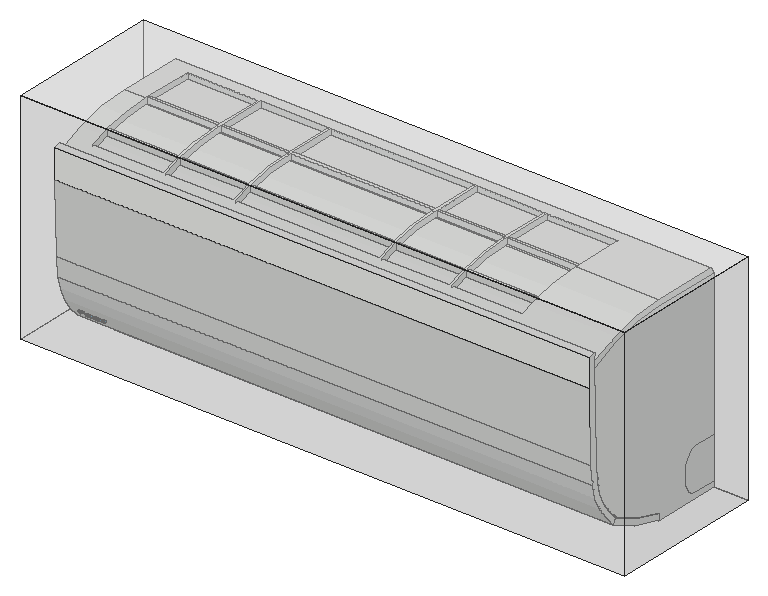
Revit family "outputfile", category 機械設備, Revit 2024 (continued)
Definition of nested family "DAIKIN_indoorunit_FTXF-W2VMA"
  Automatic sketch dimensions
    Extrusion 21 sketch curve to Extrusion 21 sketch curve = 24.427 mm
    Extrusion 21 sketch curve to Extrusion 21 sketch curve = 74.426 mm
    Extrusion 21 sketch curve to Extrusion 21 sketch curve = 0.483 mm
    Extrusion 21 sketch curve to Extrusion 21 sketch curve = 4.137 mm
    Extrusion 21 sketch curve to Extrusion 21 sketch curve = 31.393 mm
    Extrusion 21 sketch curve to Extrusion 21 sketch curve = 9.215 mm
    Extrusion 21 sketch curve to level = 8.0 mm
    Extrusion 22 sketch curve to plane 1 "Center (Front/Back)" = 0.0 mm
    Extrusion 22 sketch curve to Extrusion 22 sketch curve = 20.0 mm  (x2)
    Extrusion 22 sketch curve to level = 287.035 mm
    Extrusion 23 sketch curve to plane 1 "Center (Front/Back)" = 0.0 mm
    Extrusion 23 sketch curve to Extrusion 23 sketch curve = 20.0 mm  (x2)
    Extrusion 23 sketch curve to level = 287.035 mm
    plane 1 "Center (Front/Back)" to Extrusion 24 sketch curve = 0.0 mm  (x2)
    plane 3 "Center (Left/Right)" to Extrusion 24 sketch curve = 469.0 mm
    Extrusion 24 sketch curve to Extrusion 24 sketch curve = 20.0 mm  (x4)
    Extrusion 24 sketch curve to plane 3 "Center (Left/Right)" = 409.0 mm
  Nested families
    nested 1: "daikin_logo_plane_w40" at (-320, -198.871, -233.244) x (1, 0, 0) z (0, -0.7841, -0.6206), visible <- "switch_unit1_20-50", type "daikin_logo_plane_w40"
      with show_logo yes
    nested 2: "daikin_logo_plane_w40" at (-430, -237.74, -233.244) x (1, 0, 0) z (0, -0.7841, -0.6206), visible <- "switch_unit1_60-71", type "daikin_logo_plane_w40"
      with show_logo yes
  Definition of nested family "daikin_logo_plane_w40"
    Parameters (values of type "daikin_logo_plane_w40")
      width = 40.0 mm
      show_logo [instance] = yes
      material = none
      height = 0.0 mm
      depth = 0.0 mm
      Default Elevation = 1219.2 mm
    Reference planes
      plane 1 "Center (Front/Back)": y = 0
      plane 2: z = 0
      plane 3 "Center (Left/Right)": x = 0
      plane 4: z = 2
      plane 5 "left": x = -19
      plane 6: x = 19
    Forms (mm)
      Extrusion 1, solid, visible <- "show_logo"
        sketch origin (-19, 0, 0) x (1, 0, 0) y (0, 1, 0)
          loop
            line (8.902, -1.878) -> (7.789, -6.332) -> (11.13, -6.332)
            arc (11.13, -6.332) -> (12.454, -6.064) -> (13.472, -5.176) r 2.642
            arc (13.472, -5.176) -> (13.92, -4.02) -> (13.767, -2.79) r 2.537
            arc (13.767, -2.79) -> (13.452, -2.342) -> (12.982, -2.06) r 1.321
            arc (12.982, -2.06) -> (12.063, -1.902) -> (11.13, -1.878) r 6.479
            line (11.13, -1.878) -> (8.902, -1.878)
          loop
            line (10.016, -5.441) -> (10.907, -5.441)
            arc (10.907, -5.441) -> (11.591, -4.983) -> (11.988, -4.261) r 1.742
            spline (11.988, -4.261) -> (12.01, -4.155) -> (12.027, -4.03) -> (12.037, -3.893) -> (12.037, -3.747) -> (12.026, -3.598) -> (12.002, -3.451) -> (11.962, -3.31) -> (11.905, -3.181) -> (11.829, -3.069) -> (11.731, -2.978) -> (11.61, -2.913) -> (11.464, -2.88)
            line (11.464, -2.88) -> (10.573, -2.88) -> (10.016, -5.441)
          loop
            line (13.58, -6.332) -> (14.805, -6.332) -> (15.223, -5.553) -> (16.977, -5.553) -> (17.144, -6.332) -> (19.149, -6.332) -> (18.258, -1.878) -> (16.03, -1.878) -> (13.58, -6.332)
          loop
            line (16.476, -3.214) -> (15.76, -4.551) -> (16.762, -4.551) -> (16.476, -3.214)
          loop
            line (19.705, -6.332) -> (21.599, -6.332) -> (22.712, -1.878) -> (20.819, -1.878) -> (19.705, -6.332)
          loop
            line (22.712, -6.332) -> (24.606, -6.332) -> (24.908, -5.122) -> (25.831, -6.332) -> (28.17, -6.332) -> (26.388, -3.994) -> (28.949, -1.878) -> (26.945, -1.878) -> (25.401, -3.153) -> (25.719, -1.878) -> (23.826, -1.878) -> (22.712, -6.332)
          loop
            line (29.84, -1.878) -> (28.615, -6.332) -> (30.62, -6.332) -> (31.734, -1.878) -> (29.84, -1.878)
          loop
            line (31.734, -6.332) -> (33.07, -6.332) -> (33.7, -3.814) -> (34.518, -6.332) -> (36.745, -6.332) -> (37.859, -1.878) -> (36.523, -1.878) -> (35.845, -4.589) -> (34.963, -1.878) -> (32.847, -1.878) -> (31.734, -6.332)
        from 0 to 2
      Extrusion 2, solid, visible <- "show_logo"
        sketch origin (-19, 0, 0) x (1, 0, 0) y (0, 1, 0)
          loop
            line (8.7, 0) -> (4.235, 0) -> (0, -3.879) -> (0, -8) -> (8.7, 0)
        from 0 to 2
      Extrusion 3, solid, visible <- "show_logo"
        sketch origin (-19, 0, 0) x (1, 0, 0) y (0, 1, 0)
          loop
            line (0, 0) -> (0, -3.879) -> (4.235, 0) -> (0, 0)
        from 0 to 2
    Dimensions and locks
      plane 4 to plane 2 = 2.0 mm
      equal spacing: plane 5 "left", plane 3 "Center (Left/Right)", plane 6
      locked: plane 5 "left" to plane 6 at 38
      aligned and locked: level to plane 2
      aligned and locked: Extrusion 3 to plane 1 "Center (Front/Back)"  (x2)
      aligned and locked: Extrusion 2 to plane 1 "Center (Front/Back)"  (x2)
      aligned and locked: plane 4 to Extrusion 1
      aligned and locked: plane 4 to Extrusion 3
      aligned and locked: plane 4 to Extrusion 2
      aligned and locked: Extrusion 3 to plane 5 "left"
      aligned and locked: Extrusion 2 to plane 5 "left"
    Automatic sketch dimensions
      Extrusion 1 sketch curve to Extrusion 1 sketch curve = 0.901 mm
      Extrusion 1 sketch curve to Extrusion 1 sketch curve = 1.559 mm
      Extrusion 1 sketch curve to Extrusion 1 sketch curve = 1.327 mm
      Extrusion 1 sketch curve to Extrusion 1 sketch curve = 2.145 mm
      Extrusion 1 sketch curve to Extrusion 1 sketch curve = 1.448 mm
      Extrusion 1 sketch curve to Extrusion 1 sketch curve = 2.116 mm
      Extrusion 1 sketch curve to Extrusion 1 sketch curve = 1.114 mm  (x4)
      Extrusion 1 sketch curve to Extrusion 1 sketch curve = 1.336 mm  (x2)
      plane 1 "Center (Front/Back)" to Extrusion 1 sketch curve = 1.878 mm  (x5)
      Extrusion 1 sketch curve to Extrusion 1 sketch curve = 1.893 mm  (x5)
      Extrusion 1 sketch curve to Extrusion 1 sketch curve = 0.891 mm  (x4)
      Extrusion 1 sketch curve to Extrusion 1 sketch curve = 2.005 mm  (x3)
      Extrusion 1 sketch curve to Extrusion 1 sketch curve = 0.445 mm  (x2)
      plane 1 "Center (Front/Back)" to Extrusion 1 sketch curve = 3.994 mm
      Extrusion 1 sketch curve to Extrusion 1 sketch curve = 0.557 mm  (x2)
      Extrusion 1 sketch curve to Extrusion 1 sketch curve = 2.339 mm  (x2)
      Extrusion 1 sketch curve to Extrusion 1 sketch curve = 1.225 mm  (x3)
      plane 1 "Center (Front/Back)" to Extrusion 1 sketch curve = 3.153 mm
      Extrusion 1 sketch curve to Extrusion 1 sketch curve = 0.987 mm
      plane 1 "Center (Front/Back)" to Extrusion 1 sketch curve = 5.122 mm
      Extrusion 1 sketch curve to Extrusion 1 sketch curve = 0.922 mm
      plane 1 "Center (Front/Back)" to Extrusion 1 sketch curve = 6.332 mm
      Extrusion 1 sketch curve to Extrusion 1 sketch curve = 2.562 mm
      plane 1 "Center (Front/Back)" to Extrusion 1 sketch curve = 5.553 mm
      Extrusion 1 sketch curve to Extrusion 1 sketch curve = 0.167 mm
      Extrusion 1 sketch curve to Extrusion 1 sketch curve = 0.215 mm
      plane 1 "Center (Front/Back)" to Extrusion 1 sketch curve = 3.214 mm
      Extrusion 1 sketch curve to Extrusion 1 sketch curve = 0.286 mm
      plane 1 "Center (Front/Back)" to Extrusion 1 sketch curve = 4.551 mm
      Extrusion 1 sketch curve to Extrusion 1 sketch curve = 1.002 mm
      Extrusion 1 sketch curve to Extrusion 1 sketch curve = 0.537 mm
      Extrusion 1 sketch curve to Extrusion 1 sketch curve = 0.418 mm
      Extrusion 1 sketch curve to Extrusion 1 sketch curve = 1.028 mm
      plane 1 "Center (Front/Back)" to Extrusion 1 sketch curve = 4.261 mm
      Extrusion 1 sketch curve to Extrusion 1 sketch curve = 0.563 mm
      plane 1 "Center (Front/Back)" to Extrusion 1 sketch curve = 2.88 mm
      Extrusion 1 sketch curve to Extrusion 1 sketch curve = 1.088 mm
      Extrusion 1 sketch curve to Extrusion 1 sketch curve = 2.152 mm
      Extrusion 1 sketch curve to Extrusion 1 sketch curve = 0.586 mm
      Extrusion 1 sketch curve to Extrusion 1 sketch curve = 0.118 mm
      Extrusion 1 sketch curve to Extrusion 1 sketch curve = 0.298 mm
      Extrusion 1 sketch curve to Extrusion 1 sketch curve = 0.334 mm
      Extrusion 1 sketch curve to Extrusion 1 sketch curve = 0.223 mm
      Extrusion 1 sketch curve to Extrusion 1 sketch curve = 0.266 mm
      Extrusion 1 sketch curve to Extrusion 1 sketch curve = 1.671 mm
      Extrusion 1 sketch curve to Extrusion 1 sketch curve = 2.227 mm
      Extrusion 1 sketch curve to Extrusion 1 sketch curve = 0.0 mm  (x7)
      Extrusion 1 sketch curve to Extrusion 1 sketch curve = 3.453 mm
      Extrusion 1 sketch curve to Extrusion 1 sketch curve = 2.017 mm
      Extrusion 1 sketch curve to Extrusion 1 sketch curve = 0.78 mm  (x2)
      Extrusion 1 sketch curve to Extrusion 1 sketch curve = 1.743 mm
      Extrusion 1 sketch curve to Extrusion 1 sketch curve = 0.775 mm
      Extrusion 1 sketch curve to Extrusion 1 sketch curve = 0.552 mm
      Extrusion 1 sketch curve to Extrusion 1 sketch curve = 0.014 mm
      Extrusion 1 sketch curve to Extrusion 1 sketch curve = 0.952 mm
      Extrusion 1 sketch curve to Extrusion 1 sketch curve = 1.215 mm
      Extrusion 1 sketch curve to Extrusion 1 sketch curve = 0.108 mm
      plane 1 "Center (Front/Back)" to Extrusion 2 sketch curve = 0.0 mm
      Extrusion 2 sketch curve to plane 3 "Center (Left/Right)" = 19.0 mm
      Extrusion 2 sketch curve to plane 3 "Center (Left/Right)" = 14.765 mm
      Extrusion 2 sketch curve to Extrusion 2 sketch curve = 4.465 mm
      plane 1 "Center (Front/Back)" to Extrusion 2 sketch curve = 3.879 mm
      Extrusion 2 sketch curve to Extrusion 2 sketch curve = 4.12 mm
      plane 1 "Center (Front/Back)" to Extrusion 3 sketch curve = 0.0 mm
      Extrusion 3 sketch curve to plane 3 "Center (Left/Right)" = 19.0 mm
      Extrusion 3 sketch curve to plane 3 "Center (Left/Right)" = 14.765 mm
      plane 1 "Center (Front/Back)" to Extrusion 3 sketch curve = 3.879 mm
      Extrusion 1 sketch curve to plane 3 "Center (Left/Right)" = 11.211 mm
      Extrusion 1 sketch curve to Extrusion 1 sketch curve = 1.782 mm
Definition of nested family "daikin_connector_rotate3"
  Parameters (values of type "daikin_connector_rotate3")
    show [instance] = yes
    radius [instance] = 10.0 mm
    length [instance] = 600.0 mm
    angle_horizontal [instance] = 60.00°
    angle_vertical [instance] = 90.00°
    Default Elevation = 1219.2 mm
  Reference planes
    plane 1 "Center (Front/Back)": y = 0
    plane 2: z = 0
    plane 3 "Center (Left/Right)": x = 0
  Dimensions and locks
    "angle_horizontal": angle plane 3 "Center (Left/Right)" to nested 1
    aligned and locked: level to plane 2
    aligned and locked: plane 1 "Center (Front/Back)" to nested 1  (x2)
    aligned and locked: plane 3 "Center (Left/Right)" to nested 1
  Nested families
    nested 1: "daikin_connector_rotate2" at (0, 0, 0) x (0.5, 0.866, 0) z (0, 0, 1), angle_vertical <- "angle_vertical", length <- "length", radius <- "radius", type "daikin_connector_rotate2"
      with radius 10.0 mm, length 600.0 mm, angle_vertical 90.00°
  Definition of nested family "daikin_connector_rotate2"
    Parameters (values of type "daikin_connector_rotate2")
      show_face = yes
      radius [instance] = 10.0 mm
      length [instance] = 600.0 mm
      d_surface = 10.0 mm
      angle_vertical [instance] = 90.00°
      Default Elevation = 0.0 mm
    Reference planes
      plane 1 "Center (Front/Back)": y = 0
      plane 2: z = 0
      plane 3 "Center (Left/Right)": x = 0
    Forms (mm)
      Extrusion 1, solid, visible <- "show_face"
        sketch origin (0, -600, 0) x (1, 0, 0) y (0, 0, 1)
          loop
            circle (0, 0) r 10
        from 0 to -10
    Lines and regions (mm)
      reference lines
        curve 1: line (0, 0, 0) -> (0, -600, 0)
      symbolic lines
        curve 2: circle (0, 0, 0) r 5 normal (0, 0, 1)
      model lines, visible <- "show_face"
        curve 3: line (0, 0, 0) -> (0, -600, 0)
    Dimensions and locks
      "length": curve 1 to curve 1
      "length": curve 3 to curve 3
      "d_surface": Extrusion 1 to Extrusion 1
      "radius": radius of Extrusion 1 sketch curve
      "angle_vertical": angle curve 1 to plane 1 "Center (Front/Back)"
      "angle_vertical": angle curve 3 to plane 1 "Center (Front/Back)"
      aligned and locked: level to plane 2
      aligned and locked: plane 1 "Center (Front/Back)" to curve 1
      aligned and locked: plane 2 to curve 1
      aligned and locked: plane 1 "Center (Front/Back)" to curve 2
      aligned and locked: plane 3 "Center (Left/Right)" to curve 2
      aligned and locked: plane 1 "Center (Front/Back)" to curve 3
      aligned and locked: plane 2 to curve 3
      aligned and locked: Extrusion 1 to Extrusion 1
    Automatic sketch dimensions
      Extrusion 1 sketch curve to level = 0.0 mm
      Extrusion 1 sketch curve to plane 3 "Center (Left/Right)" = 0.0 mm
      radius of curve 2 = 5.0 mm
